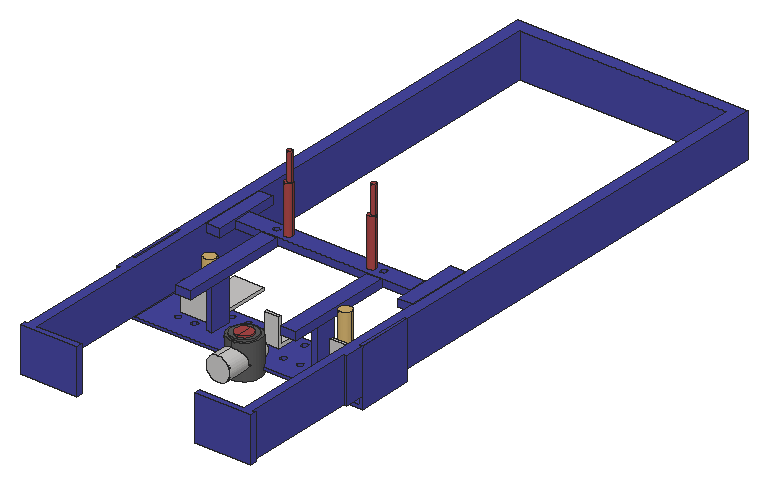
Revit family "Bidet_Frame-In_Wall-DXV-D29050044", category Specialty Equipment, host Face, Revit 2019
Family settings
  Host = Face
  Round Connector Dimension = Use Diameter
  Part Type = Normal
  OmniClass Number = 23.45.05.21.14
  OmniClass Title = Sanitary Disposal Components
  Cut with Voids When Loaded = No
  Shared = Yes
  Room Calculation Point = No
Parameters (values of type "D29050044.000")
  Width = 19 7/16"
  Waste Connection Diameter = 2"
  URL = "www.dxv.com"
  Type Comments = ""
  Product Page URL = "https://www.dxv.com/Wall-Carriers/2-in-X-6-in-In-wall-bidet-frame/NO-FINISH-D29050044000"
  Product Documentation Link = "https://www.google.com/url?sa=t&rct=j&q=&esrc=s&source=web&cd=&ved=2ahUKEwjdyOOs_tr6AhWIkmoFHYXGClAQFnoECAgQAQ&url=https%3A%2F%2Fdxv01.blob.core.windows.net%2Fdxv-product-pdf-files%2Fsp_DXV_RapidSL_D29050044.000_actuator_bidet%2520_EN.PDF&usg=AOvVaw0kPYXZzxu51ew8qFqV0Pju"
  Mounting Height Constraint = if(Mounting Height < 12 5/8", 12 5/8", if(Mounting Height > 14 15/16", 14 15/16", Mounting Height))  # 12 5/8"
  Mounting Height = 12 5/8"
  Model = "D29050044.000"
  Material = "Steel-DXV-Powder Coated"
  Manufacturer = "DXV"
  Length = 5 3/16"
  Installation Type = "Recessed Wall Mounted"
  Inlets Width/2 = Inlets Width Constraint / 2  # 5 23/32"
  Inlets Width Constraint = if(Inlets Width < 11 7/16", 11 7/16", if(Inlets Width > 14 15/16", 14 15/16", Inlets Width))  # 11 7/16"
  Inlets Width = 11 7/16"
  Inlet Connection Diameter = 1/2"
  Height = 44 1/2"
  Floor Depth Constraint = if(Floor Depth > 7 7/8", 7 7/8", Floor Depth)  # 7 7/8"
  Floor Depth = 7 7/8"
  Finish = Steel-DXV-Powder Coated
  Description = "2 in. X 6 in. In- wall bidet frame"
  Default Elevation = 0"
  Creation Date = "10/12/2022"  # constant formula
  Compliance Certifications = "Meets or Exceeds EPAct92 / ASME A112.6.2 / CSA B125.3"
  Assembly Code = "D2030400"
Reference planes (in)
  plane 1 "Center (Front/Back)": y = 0
  plane 2: z = 0
  plane 3 "Center (Left/Right)": x = 0
  plane 4: y = 44.5
  plane 5: y = -7.875
  plane 6: x = -9.71875
  plane 7: x = 9.71875
  plane 8: z = -3.75
  plane 9: z = -5.1875
  plane 10: y = 12.625
  plane 11: y = -7.375
  plane 12: x = -5.71875
  plane 13: x = 5.71875
  plane 14: y = 7.08631
Forms (in)
  Extrusion 1, solid, material "Steel-DXV-Powder Coated" <- "Finish"
    sketch origin (0, 0, 0) x (1, 0, 0) y (0, 1, 0)
      loop
        line (-9.71875, 44.5) -> (-9.71875, 2.25) -> (-9.46875, 2.25) -> (-9.46875, -7.875) -> (-8.71875, -7.875) -> (-8.71875, 43.5) -> (8.71875, 43.5) -> (8.71875, -7.875) -> (9.46875, -7.875) -> (9.46875, 2.25) -> (9.71875, 2.25) -> (9.71875, 44.5) -> (-9.71875, 44.5)
    from 0 to -3.75
  Extrusion 2, solid, material "Steel-DXV-Powder Coated" <- "Finish"
    sketch origin (0, 0, 0) x (1, 0, 0) y (0, 1, 0)
      loop
        line (-9.71875, -7.875) -> (-4.96875, -7.875) -> (-4.96875, -7.375) -> (-9.71875, -7.375) -> (-9.71875, -7.875)
      loop
        line (9.71875, -7.875) -> (9.71875, -7.375) -> (4.96875, -7.375) -> (4.96875, -7.875) -> (9.71875, -7.875)
    from -3.75 to 0
  Extrusion 3, solid, material "Metal-DXV-Brass"
    sketch origin (0, 0, 0) x (1, 0, 0) y (0, 1, 0)
      loop
        circle (-5.71875, 7.08631) r 0.5
      loop
        circle (5.71875, 7.08631) r 0.5
    from -4.25 to 0
Cuts and joins
  joined: Extrusion 1, Extrusion 2
Lines and regions (in)
  Masking region 1
    outline origin (-9.71875, 44.5, 0) x (1, 0, 0) y (0, 0, -1)
      loop
        line (19.4375, 3.75) -> (0, 3.75) -> (0, 0) -> (19.4375, 0) -> (19.4375, 3.75)
Dimensions and locks (in)
  "Height": plane 4 to plane 1 "Center (Front/Back)"
  "Floor Depth Constraint": plane 5 to plane 1 "Center (Front/Back)"
  equal spacing: plane 6, plane 3 "Center (Left/Right)", plane 7
  "Width": plane 6 to plane 7
  level to plane 8 = 3 3/4"
  level to plane 9 = 5 3/16"
  "Mounting Height Constraint": plane 1 "Center (Front/Back)" to plane 10
  locked: plane 11 to plane 5 at 0.5
  equal spacing: plane 12, plane 3 "Center (Left/Right)", plane 13
  "Inlets Width/2": plane 12 to plane 3 "Center (Left/Right)"
  locked: plane 10 to plane 14 at 5.53869
  aligned and locked: plane 2 to host face
  aligned and locked: level to host face
  aligned and locked: Extrusion 1 to plane 8
  aligned and locked: level to Extrusion 1
  aligned and locked: plane 5 to Extrusion 1 sketch curve
  aligned and locked: Extrusion 1 sketch curve to plane 5
  aligned and locked: Extrusion 1 to Extrusion 2
  aligned and locked: level to Extrusion 2
  aligned and locked: Extrusion 2 to plane 5  (x2)
  aligned and locked: plane 11 to Extrusion 2  (x2)
  aligned and locked: Extrusion 2 to plane 7
  aligned and locked: Extrusion 2 to plane 6
  aligned and locked: Masking region 1 sketch curve to cut or joined group of Extrusion 1, Extrusion 2  (x4)
  aligned and locked: plane 3 "Center (Left/Right)" to nested 1
  aligned and locked: plane 12 to Extrusion 3 sketch curve
  aligned and locked: plane 14 to Extrusion 3 sketch curve  (x2)
  aligned and locked: plane 13 to Extrusion 3 sketch curve
  aligned and locked: nested 1 to Extrusion 3
  aligned and locked: host face to Extrusion 3
Automatic sketch dimensions
  host sketch curve to host sketch curve = 96"  (x2)
  Extrusion 1 sketch curve to plane 6 = 0"
  Extrusion 1 sketch curve to plane 7 = 0"
  Extrusion 1 sketch curve to plane 4 = 0"
  Extrusion 1 sketch curve to Extrusion 1 sketch curve = 1/4"
  Extrusion 1 sketch curve to Extrusion 1 sketch curve = 3/4"
  plane 7 to Extrusion 1 sketch curve = 1"
  plane 7 to Extrusion 1 sketch curve = 1/4"
  Extrusion 1 sketch curve to plane 1 "Center (Front/Back)" = 2 1/4"  (x2)
  Extrusion 1 sketch curve to plane 4 = 1"
  Extrusion 2 sketch curve to plane 6 = 0"
  Extrusion 2 sketch curve to plane 5 = 0"  (x2)
  Extrusion 2 sketch curve to plane 7 = 0"
  plane 5 to Extrusion 2 sketch curve = 1/2"  (x2)
  Extrusion 2 sketch curve to Extrusion 2 sketch curve = 4 3/4"
  plane 7 to Extrusion 2 sketch curve = 4 3/4"
  radius of Extrusion 3 sketch curve = 1/2"  (x2)
Nested families (in)
  nested 1: "D29050044" at (0, -0.5967, 0), type "D29050044.000"
Connectors (in)
  piping at (0, 0.82232, -3.75), diameter 2, driven by "Waste Connection Diameter"
    settings: on nested 1, index 1, connector inside diameter 24", connector length 0", flow factor 0, pipe flow 0 GPM, pressure drop 0.00 psi, fitting loss kfactor 0, connector angle 0.00°, fixture units 0, engagement length 0", angle of deflection 0.00°, flow configuration 0, flow direction 2, fitting loss method 0, system type 28, joint type 0, gender type 0, connector reference index -1, connector utility 0, adjustable connector no, is connector primary yes, connector description "2\" Waste Outlet Connection"
  piping at (-5.71875, 7.08631, 0), diameter 0.5, driven by "Inlet Connection Diameter"
    settings: on Extrusion 3, index 2, connector inside diameter 24", connector length 0", flow factor 0, pipe flow 0 GPM, pressure drop 0.00 psi, fitting loss kfactor 0, connector angle 0.00°, fixture units 0, engagement length 0", angle of deflection 0.00°, flow configuration 0, flow direction 1, fitting loss method 0, system type 28, joint type 0, gender type 0, connector reference index -1, connector utility 0, adjustable connector no, is connector primary no, connector description "1/2\" Inlet Connection 1"
  piping at (5.71875, 7.08631, 0), diameter 0.5, driven by "Inlet Connection Diameter"
    settings: on Extrusion 3, index 3, connector inside diameter 24", connector length 0", flow factor 0, pipe flow 0 GPM, pressure drop 0.00 psi, fitting loss kfactor 0, connector angle 0.00°, fixture units 0, engagement length 0", angle of deflection 0.00°, flow configuration 0, flow direction 1, fitting loss method 0, system type 28, joint type 0, gender type 0, connector reference index -1, connector utility 0, adjustable connector no, is connector primary no, connector description "1/2\" Inlet Connection 2"
Definition of nested family "D29050044"
  Parameters (values of type "D29050044.000")
    Width = 19 7/16"
    Waste Connection Diameter = 1/2"
    URL = "www.dxv.com"
    Type Comments = ""
    Product Page URL = "https://www.dxv.com/Wall-Carriers/2-in-X-6-in-In-wall-bidet-frame/NO-FINISH-D29050044000"
    Product Documentation Link = "https://www.google.com/url?sa=t&rct=j&q=&esrc=s&source=web&cd=&ved=2ahUKEwjdyOOs_tr6AhWIkmoFHYXGClAQFnoECAgQAQ&url=https%3A%2F%2Fdxv01.blob.core.windows.net%2Fdxv-product-pdf-files%2Fsp_DXV_RapidSL_D29050044.000_actuator_bidet%2520_EN.PDF&usg=AOvVaw0kPYXZzxu51ew8qFqV0Pju"
    Mounting Height Constraint = if(Mounting Height < 12 5/8", 12 5/8", if(Mounting Height > 14 15/16", 14 15/16", Mounting Height))  # 12 5/8"
    Mounting Height = 12 5/8"
    Model = "D29050044.000"
    Material = "Steel-DXV-Powder Coated"
    Manufacturer = "DXV"
    Length = 5 3/16"
    Installation Type = "Recessed Wall Mounted"
    Inlets Width Constraint/2 = Inlets Width Constraint / 2  # 5 23/32"
    Inlets Width Constraint = if(Inlets Width < 11 7/16", 11 7/16", if(Inlets Width > 14 15/16", 14 15/16", Inlets Width))  # 11 7/16"
    Inlets Width = 11 7/16"
    Height = 44 1/2"
    Floor Depth Constraint = if(Floor Depth > 7 7/8", 7 7/8", Floor Depth)  # 7 7/8"
    Floor Depth = 7 7/8"
    Finish = none
    Description = "2 in. X 6 in. In- wall bidet frame"
    Default Elevation = 0"
    Creation Date = "10/12/2022"  # constant formula
    Compliance Certifications = "Meets or Exceeds EPAct92 / ASME A112.6.2 / CSA B125.3"
    Assembly Code = "D2030400"
  Reference planes (in)
    plane 1 "Center (Front/Back)": y = 0
    plane 2: z = 0
    plane 3 "Center (Left/Right)": x = 0
    plane 4: y = 44.5
    plane 5: y = -7.875
    plane 6: x = -9.71875
    plane 7: x = 9.71875
    plane 8: z = -3.75
    plane 9: z = -5.1875
    plane 10: y = 13.2217
  Forms (in)
    Extrusion 1, solid
      sketch origin (0, 0, 0) x (1, 0, 0) y (0, 1, 0)
        loop
          line (-48, 48) -> (-48, -48) -> (48, -48) -> (48, 48) -> (-48, 48)
      from 0 to -12
    Extrusion 2, solid, material <- "Finish"
      sketch origin (0, 0, 0) x (1, 0, 0) y (0, 1, 0)
        loop
          line (-7.49512, 16.55854) -> (-8.71875, 16.55854) -> (-8.71875, 10.97573) -> (-7.49512, 10.97573) -> (-7.49512, 16.55854)
        loop
          line (-7.3951, 13.9717) -> (-7.3951, 12.4717) -> (7.3951, 12.4717) -> (7.3951, 13.9717) -> (-7.3951, 13.9717)
        loop
          line (7.49512, 16.55854) -> (7.49512, 10.97573) -> (8.71875, 10.97573) -> (8.71875, 16.55854) -> (7.49512, 16.55854)
        loop
          circle (-3.53125, 13.2217) r 0.25
        loop
          circle (3.53125, 13.2217) r 0.25
        loop
          circle (-4.53125, 13.2217) r 0.25
        loop
          circle (4.53125, 13.2217) r 0.25
        loop
          line (-5.05141, 12.3467) -> (-5.05141, 3.29532) -> (-3.80141, 3.29532) -> (-3.80141, 12.3467) -> (-5.05141, 12.3467)
        loop
          line (5.05141, 12.3467) -> (3.80141, 12.3467) -> (3.80141, 3.29532) -> (5.05141, 3.29532) -> (5.05141, 12.3467)
      from 0 to -0.66411
    Extrusion 3, solid
      sketch origin (0, 0, 0) x (1, 0, 0) y (0, 1, 0)
        loop
          circle (-3.53125, 13.2217) r 0.33224
        loop
          circle (3.53125, 13.2217) r 0.33203
      from 0 to 3.95987
    Extrusion 4, solid
      sketch origin (0, 0.07813, 0) x (1, 0, 0) y (0, 1, 0)
        loop
          circle (-3.53568, 13.28786) r 0.18695
        loop
          circle (3.52682, 13.28786) r 0.18695
      from 0 to 6.25647
    Extrusion 5, solid, material <- "Finish"
      sketch origin (-7.3951, 13.9717, -1) x (1, 0, 0) y (0, 0, -1)
        loop
          line (17.11385, -1) -> (17.11385, 3.75) -> (-2.32365, 3.75) -> (-2.32365, -1) -> (-2.07365, -1) -> (-2.07365, 3.5) -> (16.86385, 3.5) -> (16.86385, -1) -> (17.11385, -1)
      from -9.45235 to -4.78869
    Extrusion 6, solid, material <- "Finish"
      sketch origin (0, 0, 0) x (1, 0, 0) y (0, 1, 0)
        loop
          line (-4.68768, 7.77644) -> (-4.68768, 6.02644) -> (-4.18768, 6.02644) -> (-4.18768, 7.77644) -> (-4.68768, 7.77644)
        loop
          line (4.68768, 7.77644) -> (4.18768, 7.77644) -> (4.18768, 6.02644) -> (4.68768, 6.02644) -> (4.68768, 7.77644)
      from -4.5 to -0.66411
    Extrusion 7, solid
      sketch origin (0, 12.11701, -3.0094) x (0, 0, 1) y (1, 0, 0)
        loop
          circle (-0.7406, 0) r 1
      from -10.698 to -6.7342
    Revolve 8, solid
      sketch origin (0, 0, 0) x (0, 1, 0) y (0, 0, 1)
        loop
          line (4.1781, -5.1875) -> (4.1781, -2.10481) -> (3.47413, -2.10481) -> (3.47413, -2.19567) -> (3.11332, -2.19567) -> (3.11332, -2.30168) -> (2.86332, -2.30168) -> (2.86332, -5.1875) -> (4.1781, -5.1875)
        axis (4.1781, -5.1875) -> (4.1781, -2.10481)
      angle from 0 to 360
    Extrusion 9, void
      sketch origin (0, 0, 0) x (1, 0, 0) y (0, 1, 0)
        loop
          line (0, 6.03489) -> (-0.89304, 4.4881) -> (0.89304, 4.4881) -> (0, 6.03489)
        loop
          circle (-3.06363, 8.43244) r 0.25
        loop
          circle (-1.68232, 8.43244) r 0.25
        loop
          circle (3.06363, 8.43244) r 0.25
        loop
          circle (1.68232, 8.43244) r 0.25
        loop
          circle (-3.06363, 6.21593) r 0.25
        loop
          circle (-1.68232, 6.21593) r 0.25
        loop
          circle (3.06363, 6.21593) r 0.25
        loop
          circle (1.68232, 6.21593) r 0.25
        loop
          circle (-4.44494, 8.43244) r 0.25
        loop
          circle (-4.44494, 6.21593) r 0.25
        loop
          circle (4.44494, 8.43244) r 0.25
        loop
          circle (4.44494, 6.21593) r 0.25
        loop
          circle (5.82625, 8.43244) r 0.25
        loop
          circle (5.82625, 6.21593) r 0.25
        loop
          circle (7.20757, 8.43244) r 0.25
        loop
          circle (7.20757, 6.21593) r 0.25
        loop
          circle (-5.82625, 8.43244) r 0.25
        loop
          circle (-5.82625, 6.21593) r 0.25
        loop
          circle (-7.20757, 8.43244) r 0.25
        loop
          circle (-7.20757, 6.21593) r 0.25
      from -4.75 to -4.5
    Extrusion 10, solid
      sketch origin (0, 1.75, 0) x (0, 1, 0) y (0, 0, 1)
        loop
          line (5.13282, -2.10108) -> (5.13282, -4.5) -> (10.78022, -4.5) -> (10.78022, -4.25) -> (5.38282, -4.25) -> (5.38282, -2.10108) -> (5.13282, -2.10108)
      from 5.05141 to 7.49512
    Extrusion 11, solid
      sketch origin (0, 1.75, 0) x (0, 1, 0) y (0, 0, -1)
        loop
          line (5.13282, 2.10108) -> (5.38282, 2.10108) -> (5.38282, 4.25) -> (10.78022, 4.25) -> (10.78022, 4.5) -> (5.13282, 4.5) -> (5.13282, 2.10108)
      from 5.05141 to 7.49512
    Extrusion 12, solid
      sketch origin (-6.27327, 1.91793, 0) x (0, 1, 0) y (0, 0, 1)
        loop
          line (5.13282, -2.10108) -> (5.13282, -4.5) -> (8.55377, -4.5) -> (8.55377, -4.25) -> (5.38282, -4.25) -> (5.38282, -2.10108) -> (5.13282, -2.10108)
      from 5.6668 to 6.87897
  Cuts and joins
    Extrusion 9 cuts Extrusion 5
    joined: Extrusion 2, Extrusion 6
  Lines and regions (in)
    Masking region 1
      outline origin (-7.3951, 9.18301, -1) x (1, 0, 0) y (0, 0, -1)
        loop
          line (17.11385, 3.75) -> (8.70987, 3.75) -> (8.70987, 4.1875) -> (6.08033, 4.1875) -> (6.08033, 3.75) -> (-2.32365, 3.75) -> (-2.32365, -1) -> (-2.07365, -1) -> (-2.07365, 3.5) -> (-0.10002, 3.5) -> (-0.10002, 1.10108) -> (2.34369, 1.10108) -> (2.34369, 3.5) -> (2.70742, 3.5) -> (2.70742, -0.33589) -> (0, -0.33589) -> (0, -1) -> (3.53182, -1) -> (3.53182, -4.95987) -> (3.68133, -4.95987) -> (3.68133, -7.25647) -> (4.05524, -7.25647) -> (4.05524, -4.95987) -> (4.19588, -4.95987) -> (4.19588, -1) -> (10.59432, -1) -> (10.59432, -4.95987) -> (10.73497, -4.95987) -> (10.73497, -7.25647) -> (11.10887, -7.25647) -> (11.10887, -4.95987) -> (11.25838, -4.95987) -> (11.25838, -1) -> (14.7902, -1) -> (14.7902, -0.33589) -> (12.08279, -0.33589) -> (12.08279, 3.5) -> (12.44651, 3.5) -> (12.44651, 1.10108) -> (14.89023, 1.10108) -> (14.89023, 3.5) -> (16.86385, 3.5) -> (16.86385, -1) -> (17.11385, -1) -> (17.11385, 3.75)
        loop
          line (16.11385, -0.33589) -> (14.89023, -0.33589) -> (14.89023, -1) -> (16.11385, -1) -> (16.11385, -0.33589)
        loop
          line (-1.32365, -0.33589) -> (-1.32365, -1) -> (-0.10002, -1) -> (-0.10002, -0.33589) -> (-1.32365, -0.33589)
        loop
          line (11.58279, -0.33589) -> (11.58279, 3.5) -> (8.70987, 3.5) -> (8.70987, 1.30168) -> (8.45987, 1.30168) -> (8.45987, 1.19567) -> (8.09907, 1.19567) -> (8.09907, 1.10481) -> (6.69113, 1.10481) -> (6.69113, 1.19567) -> (6.33033, 1.19567) -> (6.33033, 1.30168) -> (6.08033, 1.30168) -> (6.08033, 3.5) -> (3.20742, 3.5) -> (3.20742, -0.33589) -> (11.58279, -0.33589)
  Dimensions and locks (in)
    "Height": plane 4 to plane 1 "Center (Front/Back)"
    "Floor Depth Constraint": plane 5 to plane 1 "Center (Front/Back)"
    equal spacing: plane 6, plane 3 "Center (Left/Right)", plane 7
    "Width": plane 6 to plane 7
    level to plane 8 = 3 3/4"
    level to plane 9 = 5 3/16"
    aligned and locked: plane 2 to Extrusion 1
    aligned and locked: level to Extrusion 1
    aligned and locked: Extrusion 6 to cut or joined group of Extrusion 5, Extrusion 9
    aligned and locked: Extrusion 6 to Extrusion 2
    aligned and locked: cut or joined group of Extrusion 5, Extrusion 9 to Extrusion 9
    aligned and locked: Extrusion 9 to cut or joined group of Extrusion 5, Extrusion 9
    aligned and locked: Revolve 8 to plane 9
  Automatic sketch dimensions
    Extrusion 1 sketch curve to Extrusion 1 sketch curve = 96"  (x2)
    Extrusion 2 sketch curve to plane 10 = 0"  (x4)
    plane 6 to Extrusion 2 sketch curve = 1"
    Extrusion 2 sketch curve to Extrusion 2 sketch curve = 1.22363"
    plane 10 to Extrusion 2 sketch curve = 3/4"
    plane 6 to Extrusion 2 sketch curve = 2.32365"
    Extrusion 2 sketch curve to plane 10 = 7/8"  (x2)
    Extrusion 2 sketch curve to Extrusion 2 sketch curve = 2.34369"
    Extrusion 2 sketch curve to Extrusion 2 sketch curve = 0.52016"
    Extrusion 2 sketch curve to Extrusion 2 sketch curve = 0.72984"
    Extrusion 2 sketch curve to Extrusion 2 sketch curve = 0.27016"  (x2)
    plane 3 "Center (Left/Right)" to Extrusion 2 sketch curve = 3 17/32"
    Extrusion 2 sketch curve to Extrusion 2 sketch curve = 1"
    Extrusion 2 sketch curve to Extrusion 2 sketch curve = 1 1/4"
    Extrusion 2 sketch curve to plane 10 = 3/4"
    plane 7 to Extrusion 2 sketch curve = 2.32365"
    plane 7 to Extrusion 2 sketch curve = 2.22363"
    plane 7 to Extrusion 2 sketch curve = 1"
    Extrusion 2 sketch curve to Extrusion 2 sketch curve = 1.49597"  (x2)
    Extrusion 2 sketch curve to plane 1 "Center (Front/Back)" = 3.29532"  (x2)
    Extrusion 2 sketch curve to Extrusion 2 sketch curve = 2.58685"  (x2)
    Extrusion 3 sketch curve to plane 10 = 0"  (x2)
    Extrusion 3 sketch curve to plane 3 "Center (Left/Right)" = 3 17/32"
    plane 3 "Center (Left/Right)" to Extrusion 3 sketch curve = 3 17/32"
    plane 10 to Extrusion 4 sketch curve = 0.14429"  (x2)
    Extrusion 4 sketch curve to plane 3 "Center (Left/Right)" = 3.53568"
    plane 3 "Center (Left/Right)" to Extrusion 4 sketch curve = 3.52682"
    Extrusion 5 sketch curve to Extrusion 2 = 0"  (x2)
    Extrusion 2 to Extrusion 5 sketch curve = 2.32365"
    Extrusion 5 sketch curve to Extrusion 5 sketch curve = 1/4"  (x3)
    Extrusion 2 to Extrusion 5 sketch curve = 2.07365"
    Extrusion 5 sketch curve to Extrusion 2 = 3.83589"
    Extrusion 6 sketch curve to plane 3 "Center (Left/Right)" = 4.68768"
    Extrusion 6 sketch curve to Extrusion 6 sketch curve = 1/2"  (x2)
    plane 3 "Center (Left/Right)" to Extrusion 6 sketch curve = 4.18768"
    Extrusion 6 sketch curve to plane 1 "Center (Front/Back)" = 6.02644"  (x2)
    Extrusion 6 sketch curve to Extrusion 6 sketch curve = 1 3/4"  (x2)
    Extrusion 7 sketch curve to plane 3 "Center (Left/Right)" = 0"
    plane 8 to Extrusion 7 sketch curve = 0"
    Revolve 8 sketch curve to plane 9 = 0"
    Revolve 8 sketch curve to plane 1 "Center (Front/Back)" = 2.86332"
    Revolve 8 sketch curve to Revolve 8 sketch curve = 1/4"
    Revolve 8 sketch curve to Revolve 8 sketch curve = 0.3608"
    Revolve 8 sketch curve to Revolve 8 sketch curve = 1.31477"
    plane 8 to Revolve 8 sketch curve = 1.44832"
    Revolve 8 sketch curve to Revolve 8 sketch curve = 0.10601"
    Revolve 8 sketch curve to Revolve 8 sketch curve = 0.09086"
    Revolve 8 sketch curve to plane 1 "Center (Front/Back)" = 4.1781"
    plane 8 to Revolve 8 sketch curve = 0.78128"
    level to Revolve 8 sketch curve = 2.28128"
    Extrusion 9 sketch curve to plane 3 "Center (Left/Right)" = 0"
    Extrusion 9 sketch curve to plane 3 "Center (Left/Right)" = 0.89304"
    Extrusion 9 sketch curve to plane 3 "Center (Left/Right)" = 1.68232"  (x2)
    Extrusion 9 sketch curve to Extrusion 9 sketch curve = 1.38131"  (x16)
    plane 3 "Center (Left/Right)" to Extrusion 9 sketch curve = 0.89304"
    plane 3 "Center (Left/Right)" to Extrusion 9 sketch curve = 1.68232"  (x2)
    Extrusion 9 sketch curve to plane 1 "Center (Front/Back)" = 4.4881"
    Extrusion 9 sketch curve to Extrusion 9 sketch curve = 1.54679"
    Extrusion 9 sketch curve to Extrusion 9 sketch curve = 1.72783"
    Extrusion 9 sketch curve to plane 1 "Center (Front/Back)" = 6.21593"
    Extrusion 9 sketch curve to Extrusion 9 sketch curve = 0"  (x14)
    Extrusion 9 sketch curve to Extrusion 9 sketch curve = 2.21651"  (x4)
    plane 8 to Extrusion 10 sketch curve = 1.64892"
    Extrusion 10 sketch curve to plane 10 = 6.33888"
    Extrusion 10 sketch curve to Extrusion 10 sketch curve = 1/4"  (x2)
    Extrusion 10 sketch curve to plane 10 = 0.69147"
    Extrusion 10 sketch curve to plane 8 = 1/2"
    plane 8 to Extrusion 11 sketch curve = 1.64892"
    Extrusion 11 sketch curve to plane 10 = 6.33888"
    Extrusion 11 sketch curve to Extrusion 11 sketch curve = 1/4"  (x2)
    Extrusion 11 sketch curve to plane 10 = 0.69147"
    Extrusion 11 sketch curve to plane 8 = 1/2"
    plane 8 to Extrusion 12 sketch curve = 1.64892"
    Extrusion 12 sketch curve to plane 10 = 6.17095"
    Extrusion 12 sketch curve to Extrusion 12 sketch curve = 1/4"  (x2)
    plane 9 to Extrusion 12 sketch curve = 11/16"
    Extrusion 12 sketch curve to plane 10 = 2 3/4"
    Masking region 1 sketch curve to Extrusion 5 = 0"  (x18)
    Extrusion 5 to Masking region 1 sketch curve = 0"
    Extrusion 5 to Masking region 1 sketch curve = 3/4"  (x2)
    Extrusion 5 to Masking region 1 sketch curve = 1.97363"
    Masking region 1 sketch curve to Masking region 1 sketch curve = 1.22363"
    Masking region 1 sketch curve to Masking region 1 sketch curve = 0.10002"  (x2)
    Masking region 1 sketch curve to Masking region 1 sketch curve = 2.44371"  (x2)
    Masking region 1 sketch curve to Masking region 1 sketch curve = 1/2"  (x2)
    Masking region 1 sketch curve to Masking region 1 sketch curve = 0.3244"  (x2)
    Masking region 1 sketch curve to Masking region 1 sketch curve = 0.14951"
    Masking region 1 sketch curve to Masking region 1 sketch curve = 0.3739"  (x2)
    Masking region 1 sketch curve to Masking region 1 sketch curve = 85/128"  (x2)
    Masking region 1 sketch curve to Masking region 1 sketch curve = 2.87291"
    Masking region 1 sketch curve to Masking region 1 sketch curve = 1/4"  (x2)
    Masking region 1 sketch curve to Masking region 1 sketch curve = 0"  (x6)
    Masking region 1 sketch curve to Masking region 1 sketch curve = 0.3608"  (x2)
    Masking region 1 sketch curve to Masking region 1 sketch curve = 1.40794"
    Masking region 1 sketch curve to Masking region 1 sketch curve = 2.62954"
    Masking region 1 sketch curve to Masking region 1 sketch curve = 0.14065"
    Masking region 1 sketch curve to Masking region 1 sketch curve = 0.36373"  (x2)
    Masking region 1 sketch curve to Masking region 1 sketch curve = 1.97363"
    Extrusion 5 to Masking region 1 sketch curve = 3.95987"  (x2)
    Masking region 1 sketch curve to Masking region 1 sketch curve = 2.2966"  (x2)
    Masking region 1 sketch curve to Extrusion 5 = 0.66411"
    Masking region 1 sketch curve to Masking region 1 sketch curve = 0.66411"
    Masking region 1 sketch curve to Extrusion 5 = 2.10481"
    Masking region 1 sketch curve to Masking region 1 sketch curve = 0.09086"  (x2)
    Masking region 1 sketch curve to Masking region 1 sketch curve = 0.10601"  (x2)
    Extrusion 5 to Masking region 1 sketch curve = 7/16"
    Masking region 1 sketch curve to Masking region 1 sketch curve = 1.32365"
    Masking region 1 sketch curve to Masking region 1 sketch curve = 1.43697"  (x2)
    radius of Extrusion 2 sketch curve = 1/4"  (x4)
    radius of Extrusion 3 sketch curve = 0.33224"
    radius of Extrusion 3 sketch curve = 85/256"
    radius of Extrusion 4 sketch curve = 0.18695"  (x2)
    radius of Extrusion 7 sketch curve = 1"
    radius of Extrusion 9 sketch curve = 1/4"  (x20)
